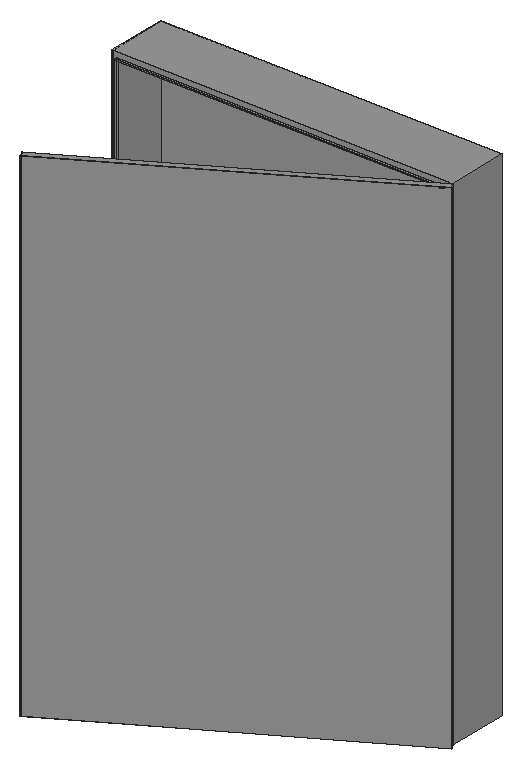
Revit family "Hager-Univers-IP54-D205-H550-Cl.I-Encl-NoHosted-CH-fr", category Electrical Equipment, Revit 2020
Family settings
  Panel Configuration = Two Columns, Circuits Across
  Round Connector Dimension = Use Diameter
  Part Type = Panelboard
  Work Plane-Based = Yes
  Always vertical = Yes
  Cut with Voids When Loaded = No
  Shared = No
  Room Calculation Point = No
Parameters (values of type "saillie IP54 L1050 H1550 P205  - FP04TW2")
  Width Control [instance] = if([EF000008 - largeur] > Min Width, [EF000008 - largeur], Min Width)  # 1050 mm
  Type Comments = [HG000003 - Gamme]  # "Univers"
  Thickness Door [instance] = if([EF009171 - épaisseur de matériau de la porte/du couvercle] > 3 mm, 3 mm, [EF009171 - épaisseur de matériau de la porte/du couvercle])  # 1 mm
  Seal Frame Offset [instance] = 17 mm  # constant formula
  Plinth Visibility [instance] = [HG000027 - Hauteur du socle] > 0 mm  # no
  Min Width [instance] = 100 mm  # constant formula
  Min Depth [instance] = (2 * [EF009170 - épaisseur de matériau du boîtier]) + 1 mm  # 3 mm
  Min Height [instance] = 100 mm  # constant formula
  Internal Frame Depth [instance] = (Door System Depth * 0.5)  # 9 mm
  Panel Name [instance] = ""  # (empty or 0)
  Model = ""
  HG000027 - Hauteur du socle = 0 mm
  HG000026 - Installation au sol = no
  HG000024 - Hauteur de la section basse = 600 mm
  HG000023 - Armoire double section = no
  HG000016 - Visibilité de la porte 3D [instance] = yes
  HG000015 - Visibilité de l'emprise de la porte [instance] = no
  HG000014 - Porte à droite [instance] = yes
  HG000013 - Porte à gauche [instance] = not([HG000014 - Porte à droite])  # no
  HG000012 - Angle de pivotement de la porte [instance] = 30.00°
  HG000010 - Portes asymétriques = no
  HG000009 - Porte à double battant = no
  HG000006 - Encastré = no
  HG000004 - Référence fabricant = "FP04TW2"
  HG000003 - Gamme = "Univers"
  HG000002 - avec porte = yes
  Frame Offset Bottom [instance] = 10 mm  # constant formula
  Frame Offset [instance] = 15 mm  # constant formula
  EF015940 - couvercle avec décharge de pression = no
  EF011959 - degré de protection (NEMA) = ""
  EF009554 - nombre d'ouvertures pour plaques à bride = 8
  EF009212 - finition du couvercle = "EV000116 - fermé"
  EF009171 - épaisseur de matériau de la porte/du couvercle = 1 mm
  EF009170 - épaisseur de matériau du boîtier = 1 mm
  EF008873 - courant nominal (In) = 400 A
  EF007800 - adapté à un parafoudre = no
  EF006306 - avec serrure = no
  EF006244 - couvercle/porte transparent(e) = no
  EF005474 - indice de protection (IP) = "EV006419 - IP54"
  EF004464 - type de porte = "EV003602 - double"
  EF004427 - nombre de modules = 480
  EF004293 - indice de protection contre les chocs (IK) = "EV006815 - IK09"
  EF003532 - convient pour utilisation à l’extérieur = no
  EF002950 - largeur en nombre de modules = 48
  EF001613 - maintien de fonction = "EV000494 - sans"
  EF001596 - matériau du boîtier/corps = "EV000179 - acier"
  EF001131 - profondeur intérieure = 205 mm
  EF001088 - possibilité de montage en saillie = yes
  EF000437 - nombre d'entrées de conduit = 8
  EF000339 - type de capot = "EV001012 - couvercle"
  EF000266 - nombre de rangées = 10
  EF000218 - profondeur d'encastrement = 205 mm
  EF000118 - avec cadre/support de montage = no
  EF000116 - numéro RAL = "9010"
  EF000049 - profondeur = 205 mm
  EF000040 - hauteur = 1550 mm
  EF000008 - largeur = 1050 mm
  EF000007 - couleur = "EV000202 - blanc"
  EF000003 - mode de pose = "EV000384 - saillie"
  Door System Leaf Tolerance [instance] = 1.5 mm  # constant formula
  Door System Depth [instance] = 18 mm  # constant formula
  Door Height [instance] = Height Control - [HG000027 - Hauteur du socle]  # 1550 mm
  Description = ""
  Default Elevation = 1219.2 mm
  Connector Offset [instance] = Height Control / 2  # 775 mm
  Manufacturer = "Hager"  # constant formula
  Height Control [instance] = if([EF000040 - hauteur] > Min Height, [EF000040 - hauteur], Min Height)  # 1550 mm
  Depth Control [instance] = if([EF000049 - profondeur] > Min Depth, [EF000049 - profondeur], Min Depth)  # 205 mm
  Bottom Top Plate Trim [instance] = 1.5 mm  # constant formula
  Plinth height Ctrl [instance] = if([HG000027 - Hauteur du socle] > 0 mm, [HG000027 - Hauteur du socle], 12 mm)  # 12 mm
Reference planes
  plane 1 "Center (Front/Back)": y = 0
  plane 2: z = 0
  plane 3 "Center (Left/Right)": x = 0
  plane 4: y = 0
  plane 5: y = 0
  plane 6: z = 0
  plane 7: x = -525
  plane 8: x = 525
  plane 9: x = 524
  plane 10: x = -524
  plane 11: z = 0
  plane 12: z = 1
  plane 13: y = -205
  plane 14: y = -1
  plane 15: x = 0
  plane 16: y = -187
  plane 17: y = -204
  plane 18: y = -186
  plane 19: x = -509
  plane 20: x = 509
  plane 21: z = 11
  plane 22: x = -508
  plane 23: x = 508
  plane 24: z = 0
  plane 25: z = 1550
  plane 26: z = 1550
  plane 27: z = 1534
  plane 28: z = 1549
Forms (mm)
  Extrusion 1, solid, material "Hager_Steel_RAL7035_Light_Grey", detail levels medium+fine
    sketch origin (-208.679, -4572, 0) x (-1, 0, 0) y (0, -1, 0)
      loop
        line (316.321, -4385) -> (-733.679, -4385) -> (-733.679, -4572) -> (316.321, -4572) -> (316.321, -4385)
    from 0 to 1550
  Extrusion 2, void
    sketch origin (-350.771, -205, 1219.2) x (1, 0, 0) y (0, 0, 1)
      loop
        line (-173.229, 329.8) -> (-173.229, -1218.2) -> (874.771, -1218.2) -> (874.771, 329.8) -> (-173.229, 329.8)
    from -19 to -204
  Extrusion 3, void
    sketch origin (-290.084, -187, 1219.2) x (1, 0, 0) y (0, 0, 1)
      loop
        line (-218.916, -1208.2) -> (799.084, -1208.2) -> (799.084, 314.8) -> (-218.916, 314.8) -> (-218.916, -1208.2)
    from 0 to -1
  Extrusion 4, solid, material "Hager_Steel_RAL7035_Light_Grey", visible <- "Plinth Visibility", detail levels medium+fine
    sketch origin (0, 0, 0) x (1, 0, 0) y (0, 1, 0)
      loop
        line (-525, 0) -> (-525, -187) -> (525, -187) -> (525, 0) -> (-525, 0)
    from 0 to 12 <- "Plinth height Ctrl"
  Extrusion 5, solid, material "Hager_Steel_RAL7035_Light_Grey", detail levels coarse
    sketch origin (0, 0, 0) x (1, 0, 0) y (0, 1, 0)
      loop
        line (-525, 0) -> (-525, -205) -> (525, -205) -> (525, 0) -> (-525, 0)
    from 0 to 1550 <- "Height Control"
  Sweep 6, void
    path in 3D
      loop
        line (-525, -187, 12) -> (525, -187, 12) -> (525, 0, 12) -> (-525, 0, 12) -> (-525, -187, 12)
    profile origin (-525, -93.5, 12) x (1, 0, 0) y (0, 0, 1)
      loop
        line (0, 0) -> (0, -1.5) -> (1.5, -1.5)
        arc (1.5, -1.5) -> (1.061, -0.439) -> (0, 0) r 1.5
  Extrusion 7, solid, material "Hager_Steel_RAL7035_Light_Grey", detail levels fine
    sketch origin (-525, -187, 0) x (1, 0, 0) y (0, 0, 1)
      loop
        line (16, 11) -> (1034, 11) -> (1034, 1534) -> (16, 1534) -> (16, 11)
      loop
        line (15, 10) -> (1035, 10) -> (1035, 1535) -> (15, 1535) -> (15, 10)
    from 0 to 9 <- "Internal Frame Depth"
Cuts and joins
  Extrusion 2, Extrusion 3 cuts Extrusion 1
  Sweep 6 cuts Extrusion 4
Lines and regions (mm)
  Masking region 1
    outline origin (0, 0, 0) x (1, 0, 0) y (0, 1, 0)
      loop
        line (-525, 0) -> (-525, -205) -> (525, -205) -> (525, 0) -> (-525, 0)
  Masking region 2, detail levels coarse
    outline origin (-290.084, -187, 1219.2) x (-1, 0, 0) y (0, 0, 1)
      loop
        line (-815.084, -1219.2) -> (234.916, -1219.2) -> (234.916, 330.8) -> (-815.084, 330.8) -> (-815.084, -1219.2)
  Masking region 3, detail levels coarse
    outline origin (0, 0, 0) x (0, 1, 0) y (0, 0, 1)
      loop
        line (0, 0) -> (0, 1550) -> (-205, 1550) -> (-205, 0) -> (0, 0)
  Masking region 4, visible <- "Plinth Visibility", detail levels medium+fine
    outline origin (0, 0, 0) x (0, 1, 0) y (0, 0, 1)
      loop
        line (-1.5, 12) -> (-185.5, 12)
        arc (-185.5, 12) -> (-185.939, 10.939) -> (-187, 10.5) r 1.5
        line (-187, 10.5) -> (-187, 0) -> (0, 0) -> (0, 10.5)
        arc (0, 10.5) -> (-1.061, 10.939) -> (-1.5, 12) r 1.5
  Masking region 5, detail levels medium+fine
    outline origin (0, 0, 594.038) x (0, 1, 0) y (0, 0, 1)
      loop
        line (0, -594.038) -> (0, 955.962) -> (-187, 955.962) -> (-187, -594.038) -> (0, -594.038)
  Masking region 6, detail levels medium+fine
    outline origin (-359.7, -187, 1211.883) x (-1, 0, 0) y (0, 0, 1)
      loop
        line (-884.7, -1211.883) -> (165.3, -1211.883) -> (165.3, 338.117) -> (-884.7, 338.117) -> (-884.7, -1211.883)
  Masking region 7, visible <- "Plinth Visibility", detail levels medium+fine
    outline origin (-320.334, -187, 1041.368) x (-1, 0, 0) y (0, 0, 1)
      loop
        line (-845.334, -1041.368) -> (204.666, -1041.368) -> (204.666, -1030.868)
        arc (204.666, -1030.868) -> (203.606, -1030.429) -> (203.166, -1029.368) r 1.5
        line (203.166, -1029.368) -> (-843.834, -1029.368)
        arc (-843.834, -1029.368) -> (-844.273, -1030.429) -> (-845.334, -1030.868) r 1.5
        line (-845.334, -1030.868) -> (-845.334, -1041.368)
  sketch lines
    curve 1: line (-525, 0, 12) -> (-525, -187, 12)
    curve 2: line (-525, -187, 12) -> (525, -187, 12)
    curve 3: line (525, 0, 12) -> (-525, 0, 12)
    curve 4: line (525, -187, 12) -> (525, 0, 12)
Dimensions and locks
  locked: plane 1 "Center (Front/Back)" to plane 5
  "EF009170 - épaisseur de matériau du boîtier": plane 7 to plane 10
  "EF009170 - épaisseur de matériau du boîtier": plane 8 to plane 9
  equal spacing: plane 7, plane 3 "Center (Left/Right)", plane 8
  "Width Control": plane 7 to plane 8
  "Depth Control": plane 4 to plane 13
  "EF009170 - épaisseur de matériau du boîtier": plane 4 to plane 14
  "Height Control": plane 25 to level
  "HG000027 - Hauteur du socle": plane 11 to level
  "EF009170 - épaisseur de matériau du boîtier": plane 12 to plane 11
  "EF009170 - épaisseur de matériau du boîtier": plane 17 to plane 13
  "EF009170 - épaisseur de matériau du boîtier": plane 18 to plane 16
  "Frame Offset Bottom": plane 21 to plane 12
  "Frame Offset": plane 10 to plane 19
  "Frame Offset": plane 9 to plane 20
  "Door System Depth": plane 16 to plane 13
  "Seal Frame Offset": plane 7 to plane 22
  "Seal Frame Offset": plane 8 to plane 23
  "EF009170 - épaisseur de matériau du boîtier": plane 26 to plane 28
  "Frame Offset": plane 28 to plane 27
  "Connector Offset": plane 2 to connector elem
  "Bottom Top Plate Trim": profile plane to Sweep 6 sketch curve
  "Bottom Top Plate Trim": Sweep 6 sketch curve to Sweep 6 sketch curve
  "Plinth height Ctrl": Masking region 4 sketch curve to level
  "Plinth height Ctrl": Masking region 7 sketch curve to level
  "Thickness Door": Extrusion 7 sketch curve to Extrusion 7 sketch curve  (x4)
  "Bottom Top Plate Trim": radius of Sweep 6 sketch curve
  "Bottom Top Plate Trim": radius of Masking region 4 sketch curve  (x2)
  "Bottom Top Plate Trim": radius of Masking region 7 sketch curve  (x2)
  aligned and locked: Extrusion 2 sketch curve to plane 12
  aligned and locked: Extrusion 2 sketch curve to plane 9
  aligned and locked: Extrusion 2 sketch curve to plane 10
  aligned and locked: Extrusion 2 to plane 14
  aligned and locked: Extrusion 1 sketch curve to plane 4
  aligned and locked: plane 8 to Extrusion 1 sketch curve
  aligned and locked: plane 7 to Extrusion 1 sketch curve
  aligned and locked: Extrusion 2 to plane 18
  aligned and locked: Extrusion 3 sketch curve to plane 19
  aligned and locked: plane 20 to Extrusion 3 sketch curve
  aligned and locked: Extrusion 3 to Extrusion 2
  aligned and locked: Extrusion 3 sketch curve to plane 21
  aligned and locked: plane 3 "Center (Left/Right)" to nested 1
  aligned and locked: Extrusion 1 sketch curve to plane 16
  aligned and locked: Extrusion 4 sketch curve to cut or joined group of Extrusion 1, Extrusion 2, Extrusion 3
  aligned and locked: Masking region 1 sketch curve to plane 7
  aligned and locked: Masking region 1 sketch curve to plane 5
  aligned and locked: Masking region 1 sketch curve to plane 8
  aligned and locked: Masking region 2 sketch curve to level
  aligned and locked: level to Masking region 3 sketch curve
  aligned and locked: plane 1 "Center (Front/Back)" to Masking region 3 sketch curve
  aligned and locked: plane 13 to Masking region 3 sketch curve
  aligned and locked: plane 5 to Masking region 4 sketch curve
  aligned and locked: Masking region 2 sketch curve to plane 8
  aligned and locked: Masking region 2 sketch curve to plane 7
  aligned and locked: plane 7 to nested 2
  aligned and locked: nested 2 to plane 5
  aligned and locked: plane 5 to Masking region 5 sketch curve
  aligned and locked: plane 26 to Masking region 5 sketch curve
  aligned and locked: Extrusion 5 sketch curve to plane 8
  aligned and locked: Extrusion 5 sketch curve to plane 7
  aligned and locked: Extrusion 5 sketch curve to plane 5
  aligned and locked: Extrusion 3 sketch curve to plane 27
  aligned and locked: Extrusion 2 sketch curve to plane 28
  aligned and locked: Masking region 2 to plane 25
  aligned and locked: Extrusion 4 to plane 16
  aligned and locked: profile plane to Sweep 6 sketch curve
  aligned and locked: Masking region 5 sketch curve to plane 24
  aligned and locked: level to Masking region 4 sketch curve
  aligned and locked: Masking region 1 to plane 13
  aligned and locked: nested 1 to plane 16
  aligned and locked: Masking region 3 to plane 25
  aligned and locked: plane 16 to Masking region 4 sketch curve
  aligned and locked: Masking region 5 sketch curve to plane 16
  aligned and locked: plane 24 to plane 11
  aligned and locked: plane 26 to plane 25
  aligned and locked: plane 26 to cut or joined group of Extrusion 1, Extrusion 2, Extrusion 3
  aligned and locked: nested 1 to plane 24
  aligned and locked: Extrusion 1 to Extrusion 3
  aligned and locked: Masking region 6 sketch curve to plane 8
  aligned and locked: Masking region 6 sketch curve to plane 24
  aligned and locked: Masking region 6 sketch curve to plane 7
  aligned and locked: Masking region 6 sketch curve to plane 26
  aligned and locked: Masking region 7 sketch curve to plane 7
  aligned and locked: level to Masking region 7 sketch curve
  aligned and locked: Masking region 7 sketch curve to plane 8
  aligned and locked: Extrusion 7 sketch curve to cut or joined group of Extrusion 1, Extrusion 2, Extrusion 3  (x4)
Automatic sketch dimensions
  plane 19 to Extrusion 3 sketch curve = 0 mm
  Extrusion 3 sketch curve to plane 20 = 0 mm
  Extrusion 3 sketch curve to plane 21 = 0 mm
  Extrusion 4 sketch curve to plane 7 = 0 mm
  Extrusion 4 sketch curve to plane 8 = 0 mm
  Extrusion 4 sketch curve to plane 16 = 0 mm
  Masking region 1 sketch curve to plane 13 = 0 mm
  Masking region 2 sketch curve to plane 25 = 0 mm
  Masking region 3 sketch curve to plane 25 = 0 mm
  Extrusion 5 sketch curve to plane 13 = 0 mm
  profile plane to Sweep 6 sketch curve = 0 mm
Nested families
  nested 1: "EC000058_Univers_Door" at (0, -187, 0), Double <- "HG000009 - Porte à double battant", Transparent <- "EF006244 - couvercle/porte transparent(e)", Angle <- "HG000012 - Angle de pivotement de la porte", Door_Right <- "HG000014 - Porte à droite", Assymetrical <- "HG000010 - Portes asymétriques", Door <- "HG000002 - avec porte", Width_Ctrl <- "Width Control", 3d_Door <- "HG000016 - Visibilité de la porte 3D", Clearance <- "HG000015 - Visibilité de l'emprise de la porte", Door_Left <- "HG000013 - Porte à gauche", Width <- "Width Control", Door_Depth <- "Door System Depth", Leaf_Tolerance <- "Door System Leaf Tolerance", Height <- "Door Height", Lock_Visibility <- "EF006306 - avec serrure", Thickness <- "Thickness Door", type "EC000058_Univers_Door", detail levels medium+fine
    with min_wh 3 mm, Width_Ctrl 1050 mm, Width 1050 mm, Transparent no, Thickness 1 mm, Seal_Material Hager_Rubber, Lock_Visibility no, Lock_Material Hager_Plastic_RAL9005_Jet_Black, Leaf_Width 1050 mm, Leaf_Tolerance_External_Sides 0 mm, Leaf_Tolerance 1.5 mm, Leaf_Offset 0 mm, Leaf_Height 1547 mm, Leaf_2_Width 1050 mm, Leaf_2_Offset 525 mm, Leaf_1_Width 1050 mm, Leaf_1_Offset 525 mm, Height_Ctrl 1550 mm, Height 1550 mm, Glass_Material Hager_Glass, Double_Clearance_Ctrl no, Double no, Door_Right_Ctrl yes, Door_Right yes, Door_Material Hager_Steel_RAL7035_Light_Grey, Door_Left_Ctrl no, Door_Left no, Door_Depth 18 mm, Door yes, Clearance_Material Hager_Clearance, Clearance_Depth 1050 mm, Clearance_Ctrl no, Clearance no, Assymetrical no, Angle 30.00°, 3d_Door yes
  nested 2: "Hager_Enclosure_Symbol" at (-525, 0, 0), Height <- "Depth Control", Width <- "Width Control", type "Hager_Enclosure_Symbol"
    with Width_Ctrl 1050 mm, Width 1050 mm, Height_Ctrl 205 mm, Height 205 mm, A_Width_Int 13.453 mm, A_Width 161.438 mm, A_Height_Ctrl 179.375 mm, A_Height 179.375 mm
Connectors
  electrical at (0, 0, 775)
    settings: on plane 1 "Center (Front/Back)", index 1, voltage 0 V, apparent load 0 VA, apparent load phase1 0 VA, apparent load phase2 0 VA, apparent load phase3 0 VA, power factor 1, load classification "Other", number of poles 1, system type 30, power factor state 1, is connector primary yes, connector utility no, sub classification motor no, connector description ""
Definition of nested family "EC000058_Univers_Door"
  Parameters (values of type "EC000058_Univers_Door")
    min_wh [instance] = (2 * Thickness) + 1 mm  # 11 mm
    Width_Ctrl [instance] = 400 mm
    Width [instance] = 500 mm
    Transparent [instance] = yes
    Thickness [instance] = 5 mm
    Seal_Material [instance] = none
    Lock_Visibility [instance] = yes
    Lock_Material [instance] = none
    Leaf_Width [instance] = if((Width_Ctrl - 2 * Leaf_Tolerance_External_Sides) > 0 mm, (Width_Ctrl - 2 * Leaf_Tolerance_External_Sides), min_wh)  # 400 mm
    Leaf_Tolerance_External_Sides [instance] = 0 mm  # constant formula
    Leaf_Tolerance [instance] = 1.5 mm
    Leaf_Offset [instance] = 0 mm  # constant formula
    Leaf_Height [instance] = if((Height_Ctrl - 2 * Leaf_Tolerance) > 0 mm, (Height_Ctrl - 2 * Leaf_Tolerance), min_wh)  # 497 mm
    Leaf_2_Width [instance] = if(and(and(Double, Assymetrical), Door_Left), (Leaf_Width / 3) - (Leaf_Tolerance / 2), if(and(and(Double, Assymetrical), Door_Right), (Leaf_Width / 3) * 2 - (Leaf_Tolerance / 2), if(and(Double, not(Assymetrical)), (Leaf_Width / 2) - Leaf_Tolerance, Leaf_Width)))  # 400 mm
    Leaf_2_Offset [instance] = if(and(Double, Assymetrical), Leaf_2_Width / 2, if(and(Double, not(Assymetrical)), Leaf_Width / 4, Leaf_Width / 2))  # 200 mm
    Leaf_1_Width [instance] = if(and(and(Double, Assymetrical), Door_Right), (Leaf_Width / 3) - (Leaf_Tolerance / 2), if(and(and(Double, Assymetrical), Door_Left), (Width / 3) * 2 - (Leaf_Tolerance / 2), if(and(Double, not(Assymetrical)), (Leaf_Width / 2) - Leaf_Tolerance, Leaf_Width)))  # 400 mm
    Leaf_1_Offset [instance] = if(and(Double, Assymetrical), Leaf_1_Width / 2, if(and(Double, not(Assymetrical)), Leaf_Width / 4, Leaf_Width / 2))  # 200 mm
    Height_Ctrl [instance] = if(Height > min_wh, Height, min_wh)  # 500 mm
    Height [instance] = 500 mm
    Glass_Material [instance] = none
    Double_Clearance_Ctrl [instance] = and(Double, Clearance)  # no
    Double [instance] = no
    Door_Right_Ctrl [instance] = and(or(Door_Right, Double), Door)  # yes
    Door_Right [instance] = yes
    Door_Material [instance] = none
    Door_Left_Ctrl [instance] = and(or(Door_Left, Double), Door)  # no
    Door_Left [instance] = no
    Door_Depth [instance] = 30 mm
    Door [instance] = yes
    Default Elevation = 1219.2 mm
    Clearance_Material [instance] = none
    Clearance_Depth [instance] = if(Leaf_1_Width > Leaf_2_Width, Leaf_1_Width, Leaf_2_Width)  # 400 mm
    Clearance_Ctrl [instance] = and(not(Double), Clearance)  # yes
    Clearance [instance] = yes
    Assymetrical [instance] = yes
    Angle [instance] = 30.00°
    3d_Door [instance] = yes
  Reference planes
    plane 1 "Center (Front/Back)": y = 0
    plane 2 "Bottom": z = 0
    plane 3 "Center (Left/Right)": x = 0
    plane 4: z = 500
    plane 5: x = -200
    plane 6: x = 200
    plane 7: z = 500
    plane 8: x = -200
    plane 9: z = 0
    plane 10: x = 200
    plane 11: y = 0
    plane 12: z = 1.5
    plane 13: x = -600
    plane 14: y = -400
    plane 15: x = 600
    plane 16: x = 0
    plane 17: x = 0
    plane 18: x = -200
    plane 19: x = 200
    plane 20: z = 498.5
  Forms (mm)
    Extrusion 1, solid, material <- "Clearance_Material", visible <- "Double_Clearance_Ctrl"
      sketch origin (1200, 0, 0) x (1, 0, 0) y (0, 0, -1)
        loop
          line (-1800, -498.5) -> (-600, -498.5) -> (-600, 0) -> (-1800, 0) -> (-1800, -498.5)
      from 0 to -400
  Dimensions and locks
    equal spacing: plane 5, plane 3 "Center (Left/Right)", plane 6
    "Width_Ctrl": plane 5 to plane 6
    "Leaf_Offset": plane 5 to plane 8
    "Leaf_Offset": plane 6 to plane 10
    "Leaf_Offset": plane 9 to level
    "Leaf_Offset": plane 4 to plane 7
    "Height_Ctrl": plane 4 to level
    "Leaf_Tolerance": plane 12 to plane 9
    locked: plane 11 to plane 1 "Center (Front/Back)"
    "Leaf_1_Offset": plane 18 to plane 16
    "Leaf_2_Offset": plane 17 to plane 19
    "Leaf_1_Width": plane 13 to plane 8
    "Leaf_2_Width": plane 10 to plane 15
    "Clearance_Depth": plane 14 to plane 1 "Center (Front/Back)"
    "Leaf_Tolerance_External_Sides": plane 8 to plane 18
    "Leaf_Tolerance_External_Sides": plane 19 to plane 10
    "Leaf_Tolerance": plane 7 to plane 20
    aligned and locked: level to plane 2 "Bottom"
    aligned and locked: nested 1 to plane 16
    aligned and locked: nested 2 to plane 17
    aligned and locked: Extrusion 1 to plane 13
    aligned and locked: plane 15 to Extrusion 1
    aligned and locked: Extrusion 1 to plane 14
    aligned and locked: plane 12 to nested 1
    aligned and locked: nested 2 to plane 12
    aligned and locked: Extrusion 1 to plane 11
    aligned and locked: plane 20 to Extrusion 1
    aligned and locked: nested 2 to plane 11
    aligned and locked: nested 1 to plane 11
  Automatic sketch dimensions
    Extrusion 1 sketch curve to level = 0 mm
    plane 5 to Extrusion 1 sketch curve = 400 mm
    plane 6 to Extrusion 1 sketch curve = 400 mm
    Extrusion 1 sketch curve to plane 4 = 1.5 mm
  Nested families
    nested 1: "EC000058_Univers_Door_Leaf" at (0, 0, 1.5), Width <- "Leaf_1_Width", visible <- "Door_Left_Ctrl", Leaf_Height <- "Leaf_Height", Angle <- "Angle", 3d_Door <- "3d_Door", Transparent <- "Transparent", Clearance Material <- "Clearance_Material", Clearance <- "Clearance_Ctrl", Door_Material <- "Door_Material", Glass_Material <- "Glass_Material", Door_Depth <- "Door_Depth", Lock_Material <- "Lock_Material", Seal_Material <- "Seal_Material", Lock_Visibility <- "Lock_Visibility", Thickness <- "Thickness", type "EC000058_Univers_Door_Leaf"
      with Width 400 mm, Transparent_Glass_Offset 30 mm, Transparent_Ctrl yes, Transparent yes, Thickness 5 mm, Standard no, Seal_Material none, Seal_D2 8 mm, Seal_D1 1 mm, Offset_Internal_Frame 10 mm, Lock_Width 20 mm, Lock_Visibility_3d yes, Lock_Visibility yes, Lock_Thickness_3 3 mm, Lock_Thickness_2 1 mm, Lock_Thickness_1 3 mm, Lock_Radius_Offset_2 16 mm, Lock_Radius_Offset_1 15 mm, Lock_Radius_2 5 mm, Lock_Radius 6 mm, Lock_Offset 5 mm, Lock_Material none, Lock_Height 80 mm, Lock_Cover_Top_Offset_2d 17 mm, Lock_Cover_Height -65 mm, Leaf_Height 497 mm, Internal_Seal_Thickness 8 mm, Internal_Seal_Depth_2 4.5 mm, Internal_Frame_Depth 25 mm, Glass_Thickness -1 mm, Glass_Offset -2 mm, Glass_Material none, Door_Material none, Door_Depth 30 mm, Clearance Material none, Clearance yes, Angle_Ctrl 30.00°, Angle 30.00°, 3d_Door yes
    nested 2: "EC000058_Univers_Door_Leaf" at (0, 0, 1.5) x (-1, 0, 0) z (0, 0, 1), Width <- "Leaf_2_Width", visible <- "Door_Right_Ctrl", Leaf_Height <- "Leaf_Height", Angle <- "Angle", 3d_Door <- "3d_Door", Transparent <- "Transparent", Clearance Material <- "Clearance_Material", Clearance <- "Clearance_Ctrl", Door_Material <- "Door_Material", Glass_Material <- "Glass_Material", Door_Depth <- "Door_Depth", Lock_Material <- "Lock_Material", Seal_Material <- "Seal_Material", Lock_Visibility <- "Lock_Visibility", Thickness <- "Thickness", type "EC000058_Univers_Door_Leaf"
      with Width 400 mm, Transparent_Glass_Offset 30 mm, Transparent_Ctrl yes, Transparent yes, Thickness 5 mm, Standard no, Seal_Material none, Seal_D2 8 mm, Seal_D1 1 mm, Offset_Internal_Frame 10 mm, Lock_Width 20 mm, Lock_Visibility_3d yes, Lock_Visibility yes, Lock_Thickness_3 3 mm, Lock_Thickness_2 1 mm, Lock_Thickness_1 3 mm, Lock_Radius_Offset_2 16 mm, Lock_Radius_Offset_1 15 mm, Lock_Radius_2 5 mm, Lock_Radius 6 mm, Lock_Offset 5 mm, Lock_Material none, Lock_Height 80 mm, Lock_Cover_Top_Offset_2d 17 mm, Lock_Cover_Height -65 mm, Leaf_Height 497 mm, Internal_Seal_Thickness 8 mm, Internal_Seal_Depth_2 4.5 mm, Internal_Frame_Depth 25 mm, Glass_Thickness -1 mm, Glass_Offset -2 mm, Glass_Material none, Door_Material none, Door_Depth 30 mm, Clearance Material none, Clearance yes, Angle_Ctrl 30.00°, Angle 30.00°, 3d_Door yes
  Definition of nested family "EC000058_Univers_Door_Leaf"
    Parameters (values of type "EC000058_Univers_Door_Leaf")
      Width [instance] = 2000 mm
      Transparent_Glass_Offset [instance] = 30 mm
      Transparent_Ctrl [instance] = and(Transparent, [3d_Door])  # yes
      Transparent [instance] = yes
      Thickness [instance] = 5 mm
      Standard [instance] = and(not(Transparent), [3d_Door])  # no
      Seal_Material [instance] = none
      Seal_D2 [instance] = 8 mm  # constant formula
      Seal_D1 [instance] = 1 mm  # constant formula
      Offset_Internal_Frame [instance] = 10 mm  # constant formula
      Lock_Width [instance] = 20 mm  # constant formula
      Lock_Visibility_3d [instance] = and(Lock_Visibility, [3d_Door])  # yes
      Lock_Visibility [instance] = yes
      Lock_Thickness_3 [instance] = 3 mm  # constant formula
      Lock_Thickness_2 [instance] = 1 mm  # constant formula
      Lock_Thickness_1 [instance] = 3 mm  # constant formula
      Lock_Radius_Offset_2 [instance] = Lock_Radius_Offset_1 + 1 mm  # 16 mm
      Lock_Radius_Offset_1 [instance] = 15 mm  # constant formula
      Lock_Radius_2 [instance] = Lock_Radius - 1 mm  # 5 mm
      Lock_Radius [instance] = 6 mm  # constant formula
      Lock_Offset [instance] = 5 mm  # constant formula
      Lock_Material [instance] = none
      Lock_Height [instance] = 80 mm  # constant formula
      Lock_Cover_Top_Offset_2d [instance] = Lock_Radius_Offset_2 + 1 mm  # 17 mm
      Lock_Cover_Height [instance] = -(Lock_Height - Lock_Radius_Offset_1)  # -65 mm
      Leaf_Height [instance] = 2720.336 mm
      Internal_Seal_Thickness [instance] = 8 mm  # constant formula
      Internal_Seal_Depth_2 [instance] = 4.5 mm  # constant formula
      Internal_Frame_Depth [instance] = if(Door_Depth - Thickness > 5 mm, Door_Depth - Thickness, 5 mm)  # 25 mm
      Glass_Thickness [instance] = if(Thickness > 15 mm, Glass_Offset + 10 mm, -1 mm)  # -1 mm
      Glass_Offset [instance] = if(Thickness > 15 mm, -(Thickness + 10 mm) / 2, -2 mm)  # -2 mm
      Glass_Material [instance] = none
      Door_Material [instance] = none
      Door_Depth [instance] = 30 mm
      Default Elevation = 0 mm
      Clearance Material [instance] = none
      Clearance [instance] = yes
      Angle_Ctrl [instance] = if(Angle > 180.00°, 180.00°, Angle)  # 90.00°
      Angle [instance] = 90.00°
      3d_Door [instance] = yes
    Reference planes
      plane 1 "Center (Front/Back)": y = 0
      plane 2: z = 0
      plane 3 "Center (Left/Right)": x = 0
      plane 4: y = 2000
      plane 5: x = -1000
      plane 6: x = 1000
      plane 7: x = -3000
      plane 8: z = 2720.336
      plane 9: z = 30
      plane 10: z = 2690.336
      plane 11: x = 970
      plane 12: x = -970
      plane 13: y = -3
      plane 14: z = 107.833
      plane 15: y = -5
      plane 16: y = -223.314
      plane 17: x = -1000
      plane 18: z = 1360.168
      plane 19: y = 30
    Forms (mm)
      Extrusion 1, solid, material <- "Clearance Material", visible <- "Clearance"
        sketch origin (0, 0, 0) x (1, 0, 0) y (0, 0, 1)
          loop
            line (-3000, 2720.336) -> (-3000, 0) -> (1000, 0) -> (1000, 2720.336) -> (-3000, 2720.336)
        from 0 to -2000
      Extrusion 2, solid, material <- "Door_Material", visible <- "Standard", detail levels medium+fine
        sketch origin (-1000, 0, 0) x (0, 1, 0) y (-1, 0, 0)
          loop
            line (0, 30) -> (0, 25) -> (2000, 25) -> (2000, 30) -> (0, 30)
        from 0 to 2720.336 <- "Leaf_Height"
      Extrusion 3, solid, material <- "Door_Material", visible <- "Transparent_Ctrl", detail levels medium+fine
        sketch origin (-1000, 0, 0) x (0, 1, 0) y (-1, 0, 0)
          loop
            line (0, 25) -> (2000, 25) -> (2000, 30) -> (0, 30) -> (0, 25)
        from 0 to 2720.336 <- "Leaf_Height"
      Extrusion 4, void
        sketch origin (-1025, 2000, 0) x (0, 1, 0) y (0, 0, -1)
          loop
            line (-30, -2690.336) -> (-30, -30) -> (-1970, -30) -> (-1970, -2690.336) -> (-30, -2690.336)
        from 0 to 5 <- "Thickness"
      Sweep 5, solid, material <- "Seal_Material", visible <- "Transparent_Ctrl", detail levels fine
        path in 3D
          loop
            line (-1025, 30, 30) -> (-1025, 30, 2690.336) -> (-1025, 1970, 2690.336) -> (-1025, 1970, 30) -> (-1025, 30, 30)
        profile origin (-1025, 1000, 30) x (1, 0, 0) y (0, 0, 1)
          loop
            line (0, 0) -> (0, -8) -> (1, -8) -> (1, 0) -> (0, 0)
      Extrusion 6, solid, material <- "Glass_Material", visible <- "Transparent_Ctrl", detail levels medium+fine
        sketch origin (-1030, 0, 0) x (0, 1, 0) y (0, 0, -1)
          loop
            line (1970, -2690.336) -> (1970, -30) -> (30, -30) -> (30, -2690.336) -> (1970, -2690.336)
        from -2 <- "Glass_Offset" to -1 <- "Glass_Thickness"
      Extrusion 7, solid, material <- "Door_Material", visible <- "3d_Door", detail levels medium+fine
        sketch origin (-1025, 2000, 0) x (0, -1, 0) y (0, 0, -1)
          loop
            line (0, -2720.336) -> (2000, -2720.336) -> (2000, 0) -> (0, 0) -> (0, -2720.336)
          loop
            line (1995, -5) -> (5, -5) -> (5, -2715.336) -> (1995, -2715.336) -> (1995, -5)
        from 0 to 25 <- "Internal_Frame_Depth"
      Sweep 8, solid, material <- "Seal_Material", visible <- "Transparent_Ctrl", detail levels fine
        path in 3D
          loop
            line (-1025, 0, 0) -> (-1025, 2000, 0) -> (-1025, 2000, 2720.336) -> (-1025, 0, 2720.336) -> (-1025, 0, 0)
        profile origin (-1025, 0, 1360.168) x (1, 0, 0) y (0, 1, 0)
          loop
            line (0, 10) -> (2.975, 10)
            arc (2.975, 10) -> (4.053, 10.447) -> (4.5, 11.525) r 1.525
            line (4.5, 11.525) -> (4.5, 16.527)
            arc (4.5, 16.527) -> (4.069, 17.569) -> (3.027, 18) r 1.473
            line (3.027, 18) -> (0, 18) -> (0, 10)
      Extrusion 9, solid, material <- "Lock_Material", visible <- "Lock_Visibility_3d", detail levels fine
        sketch origin (-1030, 0, 0) x (0, 1, 0) y (0, 0, -1)
          loop
            arc (1993.5, -1400.168) -> (1994.561, -1399.729) -> (1995, -1398.668) r 1.5
            line (1995, -1398.668) -> (1995, -1320.168) -> (1975, -1320.168) -> (1975, -1398.668)
            arc (1975, -1398.668) -> (1975.439, -1399.729) -> (1976.5, -1400.168) r 1.5
            line (1976.5, -1400.168) -> (1993.5, -1400.168)
        from 3 <- "Lock_Thickness_1" to 0
      Blend 10, solid, material <- "Lock_Material", visible <- "Lock_Visibility_3d", detail levels fine
        base sketch origin (-1033, 0, 0) x (0, 1, 0) y (0, 0, -1)
          loop
            line (1975, -1320.168) -> (1975, -1398.668)
            arc (1975, -1398.668) -> (1975.439, -1399.729) -> (1976.5, -1400.168) r 1.5
            line (1976.5, -1400.168) -> (1993.5, -1400.168)
            arc (1993.5, -1400.168) -> (1994.561, -1399.729) -> (1995, -1398.668) r 1.5
            line (1995, -1398.668) -> (1995, -1320.168) -> (1975, -1320.168)
        top sketch origin (-1033, 0, 0) x (0, 1, 0) y (0, 0, -1)
          loop
            line (1976, -1320.168) -> (1976, -1398.668)
            arc (1976, -1398.668) -> (1976.146, -1399.022) -> (1976.5, -1399.168) r 0.5
            line (1976.5, -1399.168) -> (1993.5, -1399.168)
            arc (1993.5, -1399.168) -> (1993.854, -1399.022) -> (1994, -1398.668) r 0.5
            line (1994, -1398.668) -> (1994, -1320.168) -> (1976, -1320.168)
        from 0 to 1 <- "Lock_Thickness_2"
      Blend 11, solid, material <- "Lock_Material", visible <- "Lock_Visibility_3d", detail levels fine
        base sketch origin (-1034, 0, 0) x (0, 1, 0) y (0, 0, -1)
          loop
            line (1978, -1320.168) -> (1978, -1384.168)
            arc (1978, -1384.168) -> (1985, -1391.168) -> (1992, -1384.168) r 7
            line (1992, -1384.168) -> (1992, -1320.168) -> (1978, -1320.168)
        top sketch origin (-1034, 0, 0) x (0, 1, 0) y (0, 0, -1)
          loop
            line (1991, -1320.168) -> (1979, -1320.168) -> (1979, -1383.168)
            arc (1979, -1383.168) -> (1985, -1389.168) -> (1991, -1383.168) r 6
            line (1991, -1383.168) -> (1991, -1320.168)
        from 0 to 3 <- "Lock_Thickness_3"
      Extrusion 12, solid, material <- "Lock_Material", visible <- "Lock_Visibility_3d", detail levels fine
        sketch origin (-1030, 1975, 1320.168) x (1, 0, 0) y (0, -1, 0)
          loop
            line (-7, -19) -> (-7, -1) -> (0, -1) -> (0, 0) -> (-8, 0) -> (-8, -20) -> (0, -20) -> (0, -19) -> (-7, -19)
        from 0 to -65 <- "Lock_Cover_Height"
      Extrusion 13, void
        sketch origin (-1038, 1995, 1320.168) x (-1, 0, 0) y (0, 0, -1)
          loop
            line (-5, -65) -> (0, -65) -> (-5, -60) -> (-5, -65)
        from 0 to 20 <- "Lock_Width"
      Extrusion 14, void
        sketch origin (-1038, 1975, 1320.168) x (0, -1, 0) y (0, 0, -1)
          loop
            circle (-10, -15.995) r 6
          loop
            circle (-10, -15.995) r 5
        from 0 to 2
      Extrusion 15, solid, material <- "Lock_Material", visible <- "Lock_Visibility_3d", detail levels medium
        sketch origin (-1030, 0, 0) x (0, 1, 0) y (0, 0, -1)
          loop
            arc (1993.5, -1400.168) -> (1994.561, -1399.729) -> (1995, -1398.668) r 1.5
            line (1995, -1398.668) -> (1995, -1320.168) -> (1975, -1320.168) -> (1975, -1398.668)
            arc (1975, -1398.668) -> (1975.439, -1399.729) -> (1976.5, -1400.168) r 1.5
            line (1976.5, -1400.168) -> (1993.5, -1400.168)
        from 8 to 0
    Cuts and joins
      Extrusion 4 cuts Extrusion 3
      Extrusion 13, Extrusion 14 cuts Extrusion 9
      Extrusion 14 cuts Blend 11
      Extrusion 13, Extrusion 14 cuts Extrusion 12
      joined: Extrusion 9, Blend 10, Blend 11, Extrusion 12
      Extrusion 14 cuts Extrusion 15
    Lines and regions (mm)
      Masking region 1, visible <- "Lock_Visibility", detail levels fine
        outline origin (0, 0, 0) x (0, 1, 0) y (0, 0, 1)
          loop
            line (30, 1320.168) -> (33, 1320.168) -> (33, 1400.168) -> (30, 1400.168) -> (30, 1320.168)
      Masking region 2, visible <- "Lock_Visibility", detail levels fine
        outline origin (0, 3.143, 0) x (0, 1, 0) y (0, 0, 1)
          loop
            line (29.857, 1354.168) -> (30.857, 1354.168) -> (30.857, 1366.168) -> (29.857, 1366.168) -> (29.857, 1354.168)
      Masking region 3, detail levels medium+fine
        outline origin (0, 0, 0) x (0, 1, 0) y (0, 0, 1)
          loop
            line (0, 0) -> (30, 0) -> (30, 2720.336) -> (0, 2720.336) -> (0, 0)
      Masking region 4, detail levels medium+fine
        outline origin (0, 0, 0) x (1, 0, 0) y (0, 0, 1)
          loop
            line (-1000, 2720.336) -> (-1000, 0) -> (1000, 0) -> (1000, 2720.336) -> (-1000, 2720.336)
      Masking region 5, visible <- "Lock_Visibility", detail levels fine
        outline origin (-47.116, 0, 0) x (1, 0, 0) y (0, 0, 1)
          loop
            arc (1024.616, 1399.168) -> (1023.556, 1398.729) -> (1023.116, 1397.668) r 1.5
            line (1023.116, 1397.668) -> (1023.116, 1320.168) -> (1041.116, 1320.168) -> (1041.116, 1397.668)
            arc (1041.116, 1397.668) -> (1040.677, 1398.729) -> (1039.616, 1399.168) r 1.5
            line (1039.616, 1399.168) -> (1024.616, 1399.168)
      Masking region 6, visible <- "Lock_Visibility", detail levels medium+fine
        outline origin (-25, 0, 0) x (1, 0, 0) y (0, 0, 1)
          loop
            arc (1001.5, 1400.168) -> (1000.439, 1399.729) -> (1000, 1398.668) r 1.5
            line (1000, 1398.668) -> (1000, 1320.168) -> (1020, 1320.168) -> (1020, 1398.668)
            arc (1020, 1398.668) -> (1019.561, 1399.729) -> (1018.5, 1400.168) r 1.5
            line (1018.5, 1400.168) -> (1001.5, 1400.168)
      Masking region 7, visible <- "Lock_Visibility", detail levels fine
        outline origin (-73.735, 0, 0) x (1, 0, 0) y (0, 0, 1)
          loop
            line (1051.735, 1382.168) -> (1065.735, 1382.168) -> (1065.735, 1384.168)
            arc (1065.735, 1384.168) -> (1058.735, 1391.168) -> (1051.735, 1384.168) r 7
            line (1051.735, 1384.168) -> (1051.735, 1382.168)
      Masking region 8, visible <- "Lock_Visibility", detail levels fine
        outline origin (-73.735, 0, 0) x (1, 0, 0) y (0, 0, 1)
          loop
            line (1052.735, 1382.168) -> (1064.735, 1382.168) -> (1064.735, 1383.168)
            arc (1064.735, 1383.168) -> (1058.735, 1389.168) -> (1052.735, 1383.168) r 6
            line (1052.735, 1383.168) -> (1052.735, 1382.168)
      Masking region 9, visible <- "Lock_Visibility", detail levels fine
        outline origin (-25, 0, 0) x (1, 0, 0) y (0, 0, 1)
          loop
            line (1020, 1320.168) -> (1020, 1382.168) -> (1000, 1382.168) -> (1000, 1320.168) -> (1020, 1320.168)
      Masking region 10, detail levels medium+fine
        outline origin (0, 0, 0) x (1, 0, 0) y (0, 0, 1)
          loop
            circle (985, 1335.144) r 6
      Masking region 11, detail levels fine
        outline origin (0, 0, 0) x (1, 0, 0) y (0, 0, 1)
          loop
            circle (985, 1335.144) r 5
      Masking region 12, visible <- "Lock_Visibility", detail levels fine
        outline origin (0, 12.767, 0) x (0, 1, 0) y (0, 0, 1)
          loop
            line (20.233, 1320.168) -> (21.233, 1320.168) -> (21.233, 1399.168) -> (20.233, 1400.168) -> (20.233, 1320.168)
      Masking region 13, visible <- "Lock_Visibility", detail levels fine
        outline origin (0, 13.767, -10) x (0, 1, 0) y (0, 0, 1)
          loop
            line (20.233, 1330.168) -> (23.233, 1330.168) -> (23.233, 1399.168) -> (20.233, 1402.168) -> (20.233, 1330.168)
      Masking region 14, visible <- "Lock_Visibility", detail levels fine
        outline origin (0, 12.767, -10) x (0, 1, 0) y (0, 0, 1)
          loop
            line (20.233, 1330.168) -> (25.233, 1330.168) -> (25.233, 1399.305) -> (20.233, 1394.305) -> (20.233, 1330.168)
      Masking region 15, visible <- "Lock_Visibility", detail levels medium
        outline origin (0, 0, 0) x (0, 1, 0) y (0, 0, 1)
          loop
            line (30, 1320.168) -> (38, 1320.168) -> (38, 1400.168) -> (30, 1400.168) -> (30, 1320.168)
      Masking region 16, visible <- "Lock_Visibility", detail levels fine
        outline origin (-1000, 0, 0) x (0, 1, 0) y (-1, 0, 0)
          loop
            line (1975, 30) -> (1995, 30) -> (1995, 38) -> (1975, 38) -> (1975, 30)
          loop
            line (1979, 37) -> (1976, 37) -> (1976, 34) -> (1978, 34) -> (1979, 37)
          loop
            line (1994, 37) -> (1991, 37) -> (1992, 34) -> (1994, 34) -> (1994, 37)
      Masking region 17, visible <- "Lock_Visibility", detail levels medium
        outline origin (-1000, 0, 0) x (0, 1, 0) y (-1, 0, 0)
          loop
            line (1975, 30) -> (1995, 30) -> (1995, 38) -> (1975, 38) -> (1975, 30)
      symbolic lines
        curve 1: line (1000, 0, 0) -> (-3000, 0, 0)
        curve 2: arc (1000, 0, 0) -> (-1000, 2000, 0) -> (-3000, 0, 0) r 2000
        curve 4: line (-1030, 0, 0) -> (-1030, 2000, 0)
      reference lines
        curve 3: line (-1000, 0, 0) -> (-1000, 2000, 0)
      symbolic lines, detail levels medium+fine
        curve 5: line (-1030, 2000, 0) -> (-1025, 2000, 0)
        curve 7: line (-1025, 0, 0) -> (-1030, 0, 0)
        curve 8: line (-1025, 0, 0) -> (-1000, 0, 0)
        curve 9: line (-1000, 0, 0) -> (-1000, 2000, 0)
        curve 10: line (-1000, 2000, 0) -> (-1025, 2000, 0)
      symbolic lines, detail levels fine
        curve 6: line (-1025, 2000, 0) -> (-1025, 0, 0)
      sketch lines
        curve 11: line (-1025, 0, 2720.336) -> (-1025, 0, 0)
        curve 12: line (-1025, 2000, 0) -> (-1025, 0, 0)
        curve 13: line (-1025, 2000, 2720.336) -> (-1025, 2000, 0)
        curve 14: line (-1025, 0, 2720.336) -> (-1025, 2000, 2720.336)
        curve 15: line (-1025, 1970, 30) -> (-1025, 30, 30)
        curve 16: line (-1025, 30, 30) -> (-1025, 30, 2690.336)
        curve 17: line (-1025, 1970, 2690.336) -> (-1025, 1970, 30)
        curve 18: line (-1025, 30, 2690.336) -> (-1025, 1970, 2690.336)
      symbolic lines, visible <- "Transparent", detail levels medium+fine
        curve 19: line (-970, 0, 2690.336) -> (970, 0, 2690.336)
        curve 20: line (-970, 0, 30) -> (-970, 0, 2690.336)
        curve 21: line (970, 0, 30) -> (-970, 0, 30)
        curve 22: line (970, 0, 2690.336) -> (970, 0, 30)
    Dimensions and locks
      "Width": plane 1 "Center (Front/Back)" to plane 4
      equal spacing: plane 5, plane 3 "Center (Left/Right)", plane 6
      "Width": plane 5 to plane 6
      "Width": plane 7 to plane 5
      "Leaf_Height": plane 8 to level
      "Width": curve 5 to curve 3
      "Width": curve 3 to curve 3
      plane 8 to plane 10 = 30 mm
      plane 9 to level = 30 mm
      plane 12 to plane 5 = 30 mm
      plane 6 to plane 11 = 30 mm
      Extrusion 1 to Extrusion 4 sketch curve = 30 mm
      "Transparent_Glass_Offset": curve 3 to Extrusion 4 sketch curve
      "Transparent_Glass_Offset": Extrusion 4 sketch curve to cut or joined group of Extrusion 3, Extrusion 4  (x2)
      cut or joined group of Extrusion 3, Extrusion 4 to Extrusion 6 sketch curve = 30 mm
      "Transparent_Glass_Offset": cut or joined group of Extrusion 3, Extrusion 4 to Extrusion 4 sketch curve
      "Thickness": curve 6 to curve 4
      "Thickness": Extrusion 7 sketch curve to Extrusion 7 sketch curve  (x4)
      "Door_Depth": curve 4 to curve 3
      "Offset_Internal_Frame": profile plane to Sweep 8 sketch curve
      "Internal_Seal_Thickness": Sweep 8 sketch curve to Sweep 8 sketch curve
      "Internal_Seal_Depth_2": profile plane to Sweep 8 sketch curve
      "Seal_D1": profile plane to Sweep 5 sketch curve
      "Seal_D2": profile plane to Sweep 5 sketch curve
      "Thickness": Extrusion 2 sketch curve to Extrusion 2 sketch curve
      equal spacing: Extrusion 9 sketch curve, plane 18, Extrusion 9 sketch curve  (x2)
      equal spacing: Masking region 1 sketch curve, plane 18, Masking region 1 sketch curve
      "Lock_Height": Masking region 1 sketch curve to Masking region 1 sketch curve
      "Lock_Radius": Masking region 2 sketch curve to plane 18 to Masking region 2 sketch curve
      Masking region 2 sketch curve to Masking region 1 = 1 mm
      "Door_Depth": plane 19 to plane 1 "Center (Front/Back)"
      "Lock_Thickness_1": Masking region 1 sketch curve to plane 19
      "Lock_Width": Extrusion 9 sketch curve to Extrusion 9 sketch curve
      "Lock_Height": Extrusion 9 sketch curve to Extrusion 9 sketch curve
      "Lock_Offset": cut or joined group of Extrusion 3, Extrusion 4 to Extrusion 9 sketch curve
      equal spacing: plane 8, plane 18, level
      "Lock_Radius_Offset_1": Blend 11 sketch curve to Blend 10
      locked: Blend 10 to Blend 11 sketch curve at 2  (x2)
      locked: var sketch to Blend 11 sketch curve at 1  (x2)
      "Lock_Radius_Offset_2": Blend 11 sketch curve to Blend 10
      locked: Extrusion 12 sketch curve to Extrusion 12 sketch curve at 1  (x3)
      Masking region 6 sketch curve to Masking region 6 sketch curve = 80 mm
      "Lock_Height": Masking region 6 sketch curve to Masking region 6 sketch curve
      "Lock_Width": Masking region 6 sketch curve to Masking region 6 sketch curve
      locked: Masking region 6 to Masking region 5 sketch curve at 1  (x3)
      locked: Masking region 5 to Masking region 7 sketch curve at 2  (x2)
      "Lock_Radius_Offset_1": Masking region 5 to Masking region 7 sketch curve
      "Lock_Radius_Offset_2": Masking region 5 to Masking region 8 sketch curve
      locked: Masking region 7 to Masking region 8 sketch curve at 1  (x2)
      "Lock_Cover_Top_Offset_2d": Masking region 5 to Masking region 9 sketch curve
      equal spacing: Masking region 9, Masking region 10 sketch curve, Masking region 9
      equal spacing: Masking region 9, Masking region 11 sketch curve, Masking region 9
      Extrusion 15 sketch curve to Extrusion 15 sketch curve = 80 mm
      "Lock_Width": Extrusion 15 sketch curve to Extrusion 15 sketch curve
      "Lock_Height": Extrusion 15 sketch curve to Extrusion 15 sketch curve
      equal spacing: Extrusion 15 sketch curve, plane 18, Extrusion 15 sketch curve
      "Lock_Thickness_3": Masking region 13 sketch curve to Masking region 13 sketch curve
      "Lock_Height": Masking region 12 sketch curve to Masking region 12 sketch curve
      locked: Masking region 13 sketch curve to Masking region 1 at 8
      locked: Masking region 14 sketch curve to Masking region 13 at 1
      locked: Masking region 14 sketch curve to Masking region 1 at 10.863
      "Lock_Height": Masking region 15 sketch curve to Masking region 15 sketch curve
      "Lock_Offset": Extrusion 15 sketch curve to cut or joined group of Extrusion 3, Extrusion 4
      "Lock_Offset": plane 6 to Masking region 6 sketch curve
      radius of Sweep 8 sketch curve = 1.525 mm
      radius of Sweep 8 sketch curve = 1.473 mm
      radius of Extrusion 9 sketch curve = 1.5 mm  (x2)
      "Lock_Radius": radius of Extrusion 14 sketch curve
      "Lock_Radius_2": radius of Extrusion 14 sketch curve
      "Lock_Radius": radius of Masking region 10 sketch curve
      "Lock_Radius_2": radius of Masking region 11 sketch curve
      radius of Extrusion 15 sketch curve = 1.5 mm  (x2)
      "Angle_Ctrl": angle plane 1 "Center (Front/Back)" to curve 3
      locked: Masking region 12 sketch curve to Masking region 12 sketch curve (angle 45.00°)
      locked: Masking region 13 sketch curve to Masking region 13 sketch curve (angle 45.00°)
      locked: Masking region 14 sketch curve to Masking region 14 sketch curve (angle 45.00°)
      aligned and locked: level to plane 2
      aligned and locked: Extrusion 1 to curve 1
      aligned and locked: plane 6 to Extrusion 1
      aligned and locked: Extrusion 1 to plane 1 "Center (Front/Back)"
      aligned and locked: plane 4 to Extrusion 1
      aligned and locked: plane 8 to Extrusion 1
      aligned and locked: curve 7 to Extrusion 2 sketch curve
      aligned and locked: curve 5 to Extrusion 2 sketch curve
      aligned and locked: curve 7 to Extrusion 3 sketch curve
      aligned and locked: Extrusion 3 sketch curve to curve 4
      aligned and locked: Extrusion 3 sketch curve to curve 6
      aligned and locked: Extrusion 3 sketch curve to curve 5
      aligned and locked: curve 9 to curve 3
      aligned and locked: Extrusion 7 sketch curve to cut or joined group of Extrusion 3, Extrusion 4  (x4)
      aligned and locked: plane 17 to curve 3
      aligned and locked: plane 1 "Center (Front/Back)" to curve 3
      aligned and locked: plane 17 to plane 5
      aligned and locked: Sweep 8 sketch curve to profile plane
      aligned and locked: Sweep 5 sketch curve to profile plane  (x2)
      aligned and locked: Masking region 1 to Masking region 2 sketch curve
      aligned and locked: plane 19 to Masking region 1 sketch curve
      aligned and locked: plane 1 "Center (Front/Back)" to Masking region 3 sketch curve
      aligned and locked: plane 19 to Masking region 3 sketch curve
      aligned and locked: level to Masking region 3 sketch curve
      aligned and locked: Masking region 3 sketch curve to plane 8
      aligned and locked: plane 17 to Masking region 4 sketch curve
      aligned and locked: level to Masking region 4 sketch curve
      aligned and locked: Masking region 4 sketch curve to plane 8
      aligned and locked: plane 12 to curve 20
      aligned and locked: plane 10 to curve 19
      aligned and locked: plane 11 to curve 22
      aligned and locked: curve 21 to plane 9
      aligned and locked: Extrusion 2 sketch curve to cut or joined group of Extrusion 3, Extrusion 4
      aligned and locked: Blend 10 sketch curve to Extrusion 9  (x4)
      aligned and locked: Extrusion 9 to Blend 10 sketch curve
      aligned and locked: Blend 10 to Blend 11 sketch curve
      aligned and locked: Extrusion 12 sketch curve to Blend 11
      aligned and locked: Extrusion 12 sketch curve to Extrusion 9  (x4)
      aligned and locked: Masking region 5 sketch curve to Masking region 6
      aligned and locked: Masking region 9 sketch curve to Masking region 6  (x3)
      aligned and locked: Masking region 12 sketch curve to Masking region 1
      aligned and locked: Masking region 13 sketch curve to Masking region 1
      aligned and locked: Masking region 12 to Masking region 14
      aligned and locked: Masking region 14 sketch curve to Masking region 1
      aligned and locked: Masking region 15 sketch curve to Masking region 14
      aligned and locked: Masking region 13 sketch curve to Masking region 12
      aligned and locked: Masking region 16 sketch curve to cut or joined group of Extrusion 14, Extrusion 15  (x4)
      aligned and locked: Masking region 16 sketch curve to cut or joined group of Extrusion 9, Blend 10, Blend 11, Extrusion 12, Extrusion 13, Extrusion 14  (x6)
      aligned and locked: cut or joined group of Extrusion 9, Blend 10, Blend 11, Extrusion 12, Extrusion 13, Extrusion 14 to Masking region 16 sketch curve
      aligned and locked: Masking region 17 sketch curve to cut or joined group of Extrusion 14, Extrusion 15  (x3)
      aligned and locked: Masking region 17 sketch curve to cut or joined group of Extrusion 9, Blend 10, Blend 11, Extrusion 12, Extrusion 13, Extrusion 14
      aligned and locked: Masking region 9 to Masking region 8 sketch curve
      aligned and locked: Masking region 9 to Masking region 7 sketch curve
    Automatic sketch dimensions
      plane 1 "Center (Front/Back)" to curve 2 = 0 mm
      curve 2 to plane 5 = 0 mm
      Extrusion 1 sketch curve to level = 0 mm
      Extrusion 1 sketch curve to plane 7 = 0 mm
      Extrusion 1 sketch curve to plane 6 = 0 mm
      Extrusion 1 sketch curve to plane 8 = 0 mm
      Extrusion 3 to Extrusion 6 sketch curve = 30 mm  (x4)
      Masking region 4 sketch curve to plane 6 = 0 mm
      Blend 10 sketch curve to Extrusion 9 = 1.5 mm
      Blend 10 sketch curve to Extrusion 9 = 1 mm
      Extrusion 13 sketch curve to Extrusion 12 = 0 mm  (x2)
      Extrusion 12 to Extrusion 13 sketch curve = 3 mm
      Extrusion 13 sketch curve to Extrusion 12 = 5 mm
      Extrusion 14 sketch curve to Extrusion 14 sketch curve = 0 mm  (x2)
      Extrusion 14 sketch curve to Extrusion 12 = 10 mm
      Extrusion 14 sketch curve to Extrusion 12 = 15.995 mm
      Masking region 5 sketch curve to Masking region 5 sketch curve = 1.5 mm  (x2)
      Masking region 10 sketch curve to plane 18 = 25.024 mm
      Masking region 11 sketch curve to plane 18 = 25.024 mm
      plane 19 to Masking region 14 sketch curve = 3 mm
      Masking region 16 sketch curve to Masking region 16 sketch curve = 3 mm
      curve 4 to curve 3 = 0 mm
      Blend 10 to Blend 11 sketch curve = 0 mm
      Masking region 6 sketch curve to Masking region 6 sketch curve = 1.5 mm  (x2)
      Masking region 6 sketch curve to plane 18 = 40 mm
      plane 19 to Masking region 12 sketch curve = 3 mm
      Masking region 12 sketch curve to Masking region 12 sketch curve = 1 mm
      Masking region 15 sketch curve to plane 19 = 0 mm
      Masking region 15 sketch curve to plane 18 = 40 mm
      radius of Blend 10 sketch curve to Extrusion 9 = 1 mm
Definition of nested family "Hager_Enclosure_Symbol"
  Parameters (values of type "Hager_Enclosure_Symbol")
    Width_Ctrl [instance] = if(Width > 1 mm, Width, 1 mm)  # 102.27 mm
    Width [instance] = 102.27 mm
    Height_Ctrl [instance] = if(Height > 1 mm, Height, 1 mm)  # 66.5 mm
    A_Width_Int [instance] = if(A_Width / 12 > 2 mm, A_Width / 12, 2 mm)  # 4.364 mm
    A_Width [instance] = if(A_Height_Ctrl * 0.9 > 2 mm, A_Height_Ctrl * 0.9, 2 mm)  # 52.369 mm
    A_Height_Ctrl [instance] = if(A_Height > 2 mm, A_Height, 2 mm)  # 58.188 mm
    Height [instance] = 66.5 mm
    A_Height [instance] = Height - (Height / 8)  # 58.188 mm
  Reference planes
    plane 1 "Centre (avant/arrière)": y = 0
    plane 2: z = 0
    plane 3 "Centre (gauche/droite)": x = 0
    plane 4: x = 52.369
    plane 5: y = 33.042
    plane 6: y = 41.77
    plane 7: y = 66.5
    plane 8: x = 26.184
    plane 9: y = 37.406
    plane 10: x = 102.27
    plane 11: y = 66.5
    plane 12: y = 8.313
  Lines and regions (mm)
    Filled region 1, type "Solid_Black", in view "Niveau de réf."
      outline origin (0, 0, 0) x (1, 0, 0) y (0, 1, 0)
        loop
          line (52.369, 66.5) -> (33.188, 54.536) -> (45.365, 45.006) -> (52.369, 66.5)
    Filled region 2, type "Solid_Black", in view "Niveau de réf."
      outline origin (0, 0, 0) x (1, 0, 0) y (0, 1, 0)
        loop
          line (0, 0) -> (102.27, 0) -> (102.27, 66.5) -> (0, 0)
    detail lines, in view "Niveau de réf."
      curve 1: line (0, 8.313, 0) -> (26.184, 41.77, 0)
      curve 2: line (26.184, 41.77, 0) -> (26.184, 33.042, 0)
      curve 3: line (26.184, 33.042, 0) -> (52.369, 66.5, 0)
  Dimensions and locks
    "A_Width": plane 3 "Centre (gauche/droite)" to plane 4
    equal spacing: plane 3 "Centre (gauche/droite)", plane 8, plane 4
    equal spacing: plane 6, plane 9, plane 5
    equal spacing: curve 3, Filled region 1 sketch curve, Filled region 1 sketch curve
    "Height_Ctrl": plane 1 "Centre (avant/arrière)" to plane 11
    "A_Height_Ctrl": plane 11 to plane 12
    equal spacing: plane 11, plane 9, plane 12
    "A_Width_Int": plane 6 to plane 9
    "Width_Ctrl": plane 3 "Centre (gauche/droite)" to plane 10
    angle Filled region 1 sketch curve to curve 3 = 20.00°
    angle curve 3 to Filled region 1 sketch curve = 20.00°
    locked: curve 3 to Filled region 1 sketch curve (angle 90.00°)
    aligned and locked: plane 10 to Filled region 2
    aligned and locked: plane 11 to Filled region 2 sketch curve
    aligned and locked: plane 10 to Filled region 2 sketch curve
    aligned and locked: plane 3 "Centre (gauche/droite)" to curve 1
    aligned and locked: plane 12 to curve 1
    aligned and locked: plane 7 to plane 11
  Automatic sketch dimensions
    Filled region 1 sketch curve to plane 4 = 0 mm
    Filled region 1 sketch curve to plane 7 = 0 mm
    plane 1 "Centre (avant/arrière)" to Filled region 2 sketch curve = 0 mm
    Filled region 2 sketch curve to plane 3 "Centre (gauche/droite)" = 0 mm
    curve 2 to plane 6 = 0 mm
    curve 2 to plane 8 = 0 mm
    curve 3 to plane 4 = 0 mm
    curve 2 to plane 5 = 0 mm
    curve 3 to plane 7 = 0 mm
